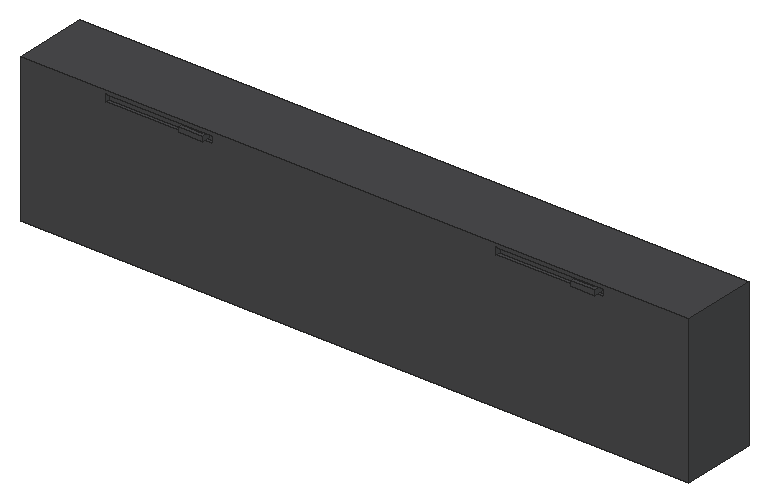
Revit family "DOT BLOCK CEILLING 328_DTSM15W3.1", category Luminarias, Revit 2019
Family settings
  Cota de conector redondo = Diámetro de uso
  Tipo de pieza = Normal
  Se basa en plano de trabajo = Sí
  Siempre vertical = Sí
  Corte con vacíos al cargar = No
  Origen de luz = Sí
  Compartido = No
  Punto de cálculo de habitación = No
Parameters (values of type "DOT BLOCK SURFACE 328_DM15W3.3.1535")
  Ángulo de inclinación = 60.00°
  Zone [instance] = ""
  Watt per fixture = 15
  Wattage = 15 W
  built-in parameter 1150107 = 3000 (stored number, unit not read)
  built-in parameter 1150110 = 1 (stored number, unit not read)
  built-in parameter 1150109 = 1 (stored number, unit not read)
  built-in parameter 1150112 = 1 (stored number, unit not read)
  built-in parameter 1150113 = 1 (stored number, unit not read)
  built-in parameter 1114218 = 1 (stored number, unit not read)
  Keynote = ""
  built-in parameter 1150137 = (empty or 0)
  built-in parameter 1150132 = (empty or 0)
  Modelo = "DM15W3.3.1535"
  Lámpara = "3030SMD PHILIPS"
  built-in parameter 1150105 = 6294.1 (stored number, unit not read)
  built-in parameter 1150102 = (empty or 0)
  built-in parameter 1150106 = 62.941 (stored number, unit not read)
  Lumens = 1290 lm
  Color Filter = 16777215
  built-in parameter 1114217 = 1 (stored number, unit not read)
  built-in parameter 1150139 = (empty or 0)
  Fabricante = "BRILLANT"
  Default Elevation = 1219.2 mm
  built-in parameter 1150104 = 7.9897 (stored number, unit not read)
  Descripción = "LUMINARIA DOWNLIGHT EN FORMATO RECTANGULAR PARA EMPOTRAR DIRECTO EN PLAFON, CUERPO DE ALUMINIO ACABADO EN COLOR NEGRO, IP 20, PESO 0.84Kg, TIPO DE LED 3030SMD PHILIPS CON 15W TOTAL, 1300 LUMENES, 86LM/W, IRC 90, TEMPERATURA EN BLANCO CALIDO 3000K, 50 MIL HORAS DE VIDA PROMEDIO, APERTURA ELIPTICA DE 15X35 GRADOS POR PROYECTO, ALIMENTADO A 90-240V"
  built-in parameter 1150115 = 1 (stored number, unit not read)
  built-in parameter 1150114 = 1 (stored number, unit not read)
  Comentarios de vataje = "90-240V"
  built-in parameter 1150138 = (empty or 0)
  built-in parameter 1150134 = (empty or 0)
  Circuit [instance] = ""
  Dimming Lamp Color Temperature Shift = (empty or 0)
  Archivo de red fotométrica = "L328A-15W-830-B-15X35_IESNA95.IES"
  built-in parameter 1150133 = 10 (stored number, unit not read)
Reference planes
  plane 1 "Centro (Frontal/Posterior)": y = 0
  plane 2: z = 0
  plane 3 "Centro (Izquierda/Derecha)": x = 0
Forms (mm)
  Extrusion 1, solid, material "Default Form", not visible
    sketch origin (0, 0, 0) x (1, 0, 0) y (0, 0, 1)
      loop
        line (-473, 0) -> (-473, -72) -> (473, -72) -> (473, 0) -> (-473, 0)
    from -18.326 to 18.326
  Blend 2, void, not visible
    base sketch origin (-293.63, 0, 0) x (1, 0, 0) y (0, 1, 0)
      loop
        line (-162, 16.149) -> (-162, -16.149) -> (-144.14, -16.149) -> (-144.14, 16.149) -> (-162, 16.149)
    top sketch origin (-293.63, 0, 0) x (1, 0, 0) y (0, 1, 0)
      loop
        line (-160, 12.149) -> (-160, -12.149) -> (-146.14, -12.149) -> (-146.14, 12.149) -> (-160, 12.149)
    from -72 to -61.591
  Blend 3, void, not visible
    base sketch origin (-267.33, 0, 0) x (1, 0, 0) y (0, 1, 0)
      loop
        line (-162, 16.149) -> (-162, -16.149) -> (-144.14, -16.149) -> (-144.14, 16.149) -> (-162, 16.149)
    top sketch origin (-267.33, 0, 0) x (1, 0, 0) y (0, 1, 0)
      loop
        line (-160, 12.149) -> (-160, -12.149) -> (-146.14, -12.149) -> (-146.14, 12.149) -> (-160, 12.149)
    from -72 to -61.591
  Blend 4, void, not visible
    base sketch origin (-241.03, 0, 0) x (1, 0, 0) y (0, 1, 0)
      loop
        line (-162, 16.149) -> (-162, -16.149) -> (-144.14, -16.149) -> (-144.14, 16.149) -> (-162, 16.149)
    top sketch origin (-241.03, 0, 0) x (1, 0, 0) y (0, 1, 0)
      loop
        line (-160, 12.149) -> (-160, -12.149) -> (-146.14, -12.149) -> (-146.14, 12.149) -> (-160, 12.149)
    from -72 to -61.591
  Blend 5, void, not visible
    base sketch origin (-214.73, 0, 0) x (1, 0, 0) y (0, 1, 0)
      loop
        line (-162, 16.149) -> (-162, -16.149) -> (-144.14, -16.149) -> (-144.14, 16.149) -> (-162, 16.149)
    top sketch origin (-214.73, 0, 0) x (1, 0, 0) y (0, 1, 0)
      loop
        line (-160, 12.149) -> (-160, -12.149) -> (-146.14, -12.149) -> (-146.14, 12.149) -> (-160, 12.149)
    from -72 to -61.591
  Blend 6, void, not visible
    base sketch origin (-188.43, 0, 0) x (1, 0, 0) y (0, 1, 0)
      loop
        line (-162, 16.149) -> (-162, -16.149) -> (-144.14, -16.149) -> (-144.14, 16.149) -> (-162, 16.149)
    top sketch origin (-188.43, 0, 0) x (1, 0, 0) y (0, 1, 0)
      loop
        line (-160, 12.149) -> (-160, -12.149) -> (-146.14, -12.149) -> (-146.14, 12.149) -> (-160, 12.149)
    from -72 to -61.591
  Blend 7, void, not visible
    base sketch origin (-162.13, 0, 0) x (1, 0, 0) y (0, 1, 0)
      loop
        line (-162, 16.149) -> (-162, -16.149) -> (-144.14, -16.149) -> (-144.14, 16.149) -> (-162, 16.149)
    top sketch origin (-162.13, 0, 0) x (1, 0, 0) y (0, 1, 0)
      loop
        line (-160, 12.149) -> (-160, -12.149) -> (-146.14, -12.149) -> (-146.14, 12.149) -> (-160, 12.149)
    from -72 to -61.591
  Blend 8, void, not visible
    base sketch origin (-135.83, 0, 0) x (1, 0, 0) y (0, 1, 0)
      loop
        line (-162, 16.149) -> (-162, -16.149) -> (-144.14, -16.149) -> (-144.14, 16.149) -> (-162, 16.149)
    top sketch origin (-135.83, 0, 0) x (1, 0, 0) y (0, 1, 0)
      loop
        line (-160, 12.149) -> (-160, -12.149) -> (-146.14, -12.149) -> (-146.14, 12.149) -> (-160, 12.149)
    from -72 to -61.591
  Blend 9, void, not visible
    base sketch origin (-109.53, 0, 0) x (1, 0, 0) y (0, 1, 0)
      loop
        line (-162, 16.149) -> (-162, -16.149) -> (-144.14, -16.149) -> (-144.14, 16.149) -> (-162, 16.149)
    top sketch origin (-109.53, 0, 0) x (1, 0, 0) y (0, 1, 0)
      loop
        line (-160, 12.149) -> (-160, -12.149) -> (-146.14, -12.149) -> (-146.14, 12.149) -> (-160, 12.149)
    from -72 to -61.591
  Blend 10, void, not visible
    base sketch origin (-83.23, 0, 0) x (1, 0, 0) y (0, 1, 0)
      loop
        line (-162, 16.149) -> (-162, -16.149) -> (-144.14, -16.149) -> (-144.14, 16.149) -> (-162, 16.149)
    top sketch origin (-83.23, 0, 0) x (1, 0, 0) y (0, 1, 0)
      loop
        line (-160, 12.149) -> (-160, -12.149) -> (-146.14, -12.149) -> (-146.14, 12.149) -> (-160, 12.149)
    from -72 to -61.591
  Blend 11, void, not visible
    base sketch origin (-56.93, 0, 0) x (1, 0, 0) y (0, 1, 0)
      loop
        line (-162, 16.149) -> (-162, -16.149) -> (-144.14, -16.149) -> (-144.14, 16.149) -> (-162, 16.149)
    top sketch origin (-56.93, 0, 0) x (1, 0, 0) y (0, 1, 0)
      loop
        line (-160, 12.149) -> (-160, -12.149) -> (-146.14, -12.149) -> (-146.14, 12.149) -> (-160, 12.149)
    from -72 to -61.591
  Blend 12, void, not visible
    base sketch origin (-30.63, 0, 0) x (1, 0, 0) y (0, 1, 0)
      loop
        line (-162, 16.149) -> (-162, -16.149) -> (-144.14, -16.149) -> (-144.14, 16.149) -> (-162, 16.149)
    top sketch origin (-30.63, 0, 0) x (1, 0, 0) y (0, 1, 0)
      loop
        line (-160, 12.149) -> (-160, -12.149) -> (-146.14, -12.149) -> (-146.14, 12.149) -> (-160, 12.149)
    from -72 to -61.591
  Blend 13, void, not visible
    base sketch origin (-4.33, 0, 0) x (1, 0, 0) y (0, 1, 0)
      loop
        line (-162, 16.149) -> (-162, -16.149) -> (-144.14, -16.149) -> (-144.14, 16.149) -> (-162, 16.149)
    top sketch origin (-4.33, 0, 0) x (1, 0, 0) y (0, 1, 0)
      loop
        line (-160, 12.149) -> (-160, -12.149) -> (-146.14, -12.149) -> (-146.14, 12.149) -> (-160, 12.149)
    from -72 to -61.591
  Blend 14, void, not visible
    base sketch origin (21.97, 0, 0) x (1, 0, 0) y (0, 1, 0)
      loop
        line (-162, 16.149) -> (-162, -16.149) -> (-144.14, -16.149) -> (-144.14, 16.149) -> (-162, 16.149)
    top sketch origin (21.97, 0, 0) x (1, 0, 0) y (0, 1, 0)
      loop
        line (-160, 12.149) -> (-160, -12.149) -> (-146.14, -12.149) -> (-146.14, 12.149) -> (-160, 12.149)
    from -72 to -61.591
  Blend 15, void, not visible
    base sketch origin (48.27, 0, 0) x (1, 0, 0) y (0, 1, 0)
      loop
        line (-162, 16.149) -> (-162, -16.149) -> (-144.14, -16.149) -> (-144.14, 16.149) -> (-162, 16.149)
    top sketch origin (48.27, 0, 0) x (1, 0, 0) y (0, 1, 0)
      loop
        line (-160, 12.149) -> (-160, -12.149) -> (-146.14, -12.149) -> (-146.14, 12.149) -> (-160, 12.149)
    from -72 to -61.591
  Blend 16, void, not visible
    base sketch origin (74.57, 0, 0) x (1, 0, 0) y (0, 1, 0)
      loop
        line (-162, 16.149) -> (-162, -16.149) -> (-144.14, -16.149) -> (-144.14, 16.149) -> (-162, 16.149)
    top sketch origin (74.57, 0, 0) x (1, 0, 0) y (0, 1, 0)
      loop
        line (-160, 12.149) -> (-160, -12.149) -> (-146.14, -12.149) -> (-146.14, 12.149) -> (-160, 12.149)
    from -72 to -61.591
  Blend 17, void, not visible
    base sketch origin (100.87, 0, 0) x (1, 0, 0) y (0, 1, 0)
      loop
        line (-162, 16.149) -> (-162, -16.149) -> (-144.14, -16.149) -> (-144.14, 16.149) -> (-162, 16.149)
    top sketch origin (100.87, 0, 0) x (1, 0, 0) y (0, 1, 0)
      loop
        line (-160, 12.149) -> (-160, -12.149) -> (-146.14, -12.149) -> (-146.14, 12.149) -> (-160, 12.149)
    from -72 to -61.591
  Blend 18, void, not visible
    base sketch origin (127.17, 0, 0) x (1, 0, 0) y (0, 1, 0)
      loop
        line (-162, 16.149) -> (-162, -16.149) -> (-144.14, -16.149) -> (-144.14, 16.149) -> (-162, 16.149)
    top sketch origin (127.17, 0, 0) x (1, 0, 0) y (0, 1, 0)
      loop
        line (-160, 12.149) -> (-160, -12.149) -> (-146.14, -12.149) -> (-146.14, 12.149) -> (-160, 12.149)
    from -72 to -61.591
  Blend 19, void, not visible
    base sketch origin (153.47, 0, 0) x (1, 0, 0) y (0, 1, 0)
      loop
        line (-162, 16.149) -> (-162, -16.149) -> (-144.14, -16.149) -> (-144.14, 16.149) -> (-162, 16.149)
    top sketch origin (153.47, 0, 0) x (1, 0, 0) y (0, 1, 0)
      loop
        line (-160, 12.149) -> (-160, -12.149) -> (-146.14, -12.149) -> (-146.14, 12.149) -> (-160, 12.149)
    from -72 to -61.591
  Blend 20, void, not visible
    base sketch origin (179.77, 0, 0) x (1, 0, 0) y (0, 1, 0)
      loop
        line (-162, 16.149) -> (-162, -16.149) -> (-144.14, -16.149) -> (-144.14, 16.149) -> (-162, 16.149)
    top sketch origin (179.77, 0, 0) x (1, 0, 0) y (0, 1, 0)
      loop
        line (-160, 12.149) -> (-160, -12.149) -> (-146.14, -12.149) -> (-146.14, 12.149) -> (-160, 12.149)
    from -72 to -61.591
  Blend 21, void, not visible
    base sketch origin (206.07, 0, 0) x (1, 0, 0) y (0, 1, 0)
      loop
        line (-162, 16.149) -> (-162, -16.149) -> (-144.14, -16.149) -> (-144.14, 16.149) -> (-162, 16.149)
    top sketch origin (206.07, 0, 0) x (1, 0, 0) y (0, 1, 0)
      loop
        line (-160, 12.149) -> (-160, -12.149) -> (-146.14, -12.149) -> (-146.14, 12.149) -> (-160, 12.149)
    from -72 to -61.591
  Blend 22, void, not visible
    base sketch origin (232.37, 0, 0) x (1, 0, 0) y (0, 1, 0)
      loop
        line (-162, 16.149) -> (-162, -16.149) -> (-144.14, -16.149) -> (-144.14, 16.149) -> (-162, 16.149)
    top sketch origin (232.37, 0, 0) x (1, 0, 0) y (0, 1, 0)
      loop
        line (-160, 12.149) -> (-160, -12.149) -> (-146.14, -12.149) -> (-146.14, 12.149) -> (-160, 12.149)
    from -72 to -61.591
  Blend 23, void, not visible
    base sketch origin (258.67, 0, 0) x (1, 0, 0) y (0, 1, 0)
      loop
        line (-162, 16.149) -> (-162, -16.149) -> (-144.14, -16.149) -> (-144.14, 16.149) -> (-162, 16.149)
    top sketch origin (258.67, 0, 0) x (1, 0, 0) y (0, 1, 0)
      loop
        line (-160, 12.149) -> (-160, -12.149) -> (-146.14, -12.149) -> (-146.14, 12.149) -> (-160, 12.149)
    from -72 to -61.591
  Blend 24, void, not visible
    base sketch origin (284.97, 0, 0) x (1, 0, 0) y (0, 1, 0)
      loop
        line (-162, 16.149) -> (-162, -16.149) -> (-144.14, -16.149) -> (-144.14, 16.149) -> (-162, 16.149)
    top sketch origin (284.97, 0, 0) x (1, 0, 0) y (0, 1, 0)
      loop
        line (-160, 12.149) -> (-160, -12.149) -> (-146.14, -12.149) -> (-146.14, 12.149) -> (-160, 12.149)
    from -72 to -61.591
  Blend 25, void, not visible
    base sketch origin (311.27, 0, 0) x (1, 0, 0) y (0, 1, 0)
      loop
        line (-162, 16.149) -> (-162, -16.149) -> (-144.14, -16.149) -> (-144.14, 16.149) -> (-162, 16.149)
    top sketch origin (311.27, 0, 0) x (1, 0, 0) y (0, 1, 0)
      loop
        line (-160, 12.149) -> (-160, -12.149) -> (-146.14, -12.149) -> (-146.14, 12.149) -> (-160, 12.149)
    from -72 to -61.591
  Blend 26, void, not visible
    base sketch origin (337.57, 0, 0) x (1, 0, 0) y (0, 1, 0)
      loop
        line (-162, 16.149) -> (-162, -16.149) -> (-144.14, -16.149) -> (-144.14, 16.149) -> (-162, 16.149)
    top sketch origin (337.57, 0, 0) x (1, 0, 0) y (0, 1, 0)
      loop
        line (-160, 12.149) -> (-160, -12.149) -> (-146.14, -12.149) -> (-146.14, 12.149) -> (-160, 12.149)
    from -72 to -61.591
  Blend 27, void, not visible
    base sketch origin (363.87, 0, 0) x (1, 0, 0) y (0, 1, 0)
      loop
        line (-162, 16.149) -> (-162, -16.149) -> (-144.14, -16.149) -> (-144.14, 16.149) -> (-162, 16.149)
    top sketch origin (363.87, 0, 0) x (1, 0, 0) y (0, 1, 0)
      loop
        line (-160, 12.149) -> (-160, -12.149) -> (-146.14, -12.149) -> (-146.14, 12.149) -> (-160, 12.149)
    from -72 to -61.591
  Blend 28, void, not visible
    base sketch origin (390.17, 0, 0) x (1, 0, 0) y (0, 1, 0)
      loop
        line (-162, 16.149) -> (-162, -16.149) -> (-144.14, -16.149) -> (-144.14, 16.149) -> (-162, 16.149)
    top sketch origin (390.17, 0, 0) x (1, 0, 0) y (0, 1, 0)
      loop
        line (-160, 12.149) -> (-160, -12.149) -> (-146.14, -12.149) -> (-146.14, 12.149) -> (-160, 12.149)
    from -72 to -61.591
  Blend 29, void, not visible
    base sketch origin (416.47, 0, 0) x (1, 0, 0) y (0, 1, 0)
      loop
        line (-162, 16.149) -> (-162, -16.149) -> (-144.14, -16.149) -> (-144.14, 16.149) -> (-162, 16.149)
    top sketch origin (416.47, 0, 0) x (1, 0, 0) y (0, 1, 0)
      loop
        line (-160, 12.149) -> (-160, -12.149) -> (-146.14, -12.149) -> (-146.14, 12.149) -> (-160, 12.149)
    from -72 to -61.591
  Blend 30, void, not visible
    base sketch origin (442.77, 0, 0) x (1, 0, 0) y (0, 1, 0)
      loop
        line (-162, 16.149) -> (-162, -16.149) -> (-144.14, -16.149) -> (-144.14, 16.149) -> (-162, 16.149)
    top sketch origin (442.77, 0, 0) x (1, 0, 0) y (0, 1, 0)
      loop
        line (-160, 12.149) -> (-160, -12.149) -> (-146.14, -12.149) -> (-146.14, 12.149) -> (-160, 12.149)
    from -72 to -61.591
  Blend 31, void, not visible
    base sketch origin (469.07, 0, 0) x (1, 0, 0) y (0, 1, 0)
      loop
        line (-162, 16.149) -> (-162, -16.149) -> (-144.14, -16.149) -> (-144.14, 16.149) -> (-162, 16.149)
    top sketch origin (469.07, 0, 0) x (1, 0, 0) y (0, 1, 0)
      loop
        line (-160, 12.149) -> (-160, -12.149) -> (-146.14, -12.149) -> (-146.14, 12.149) -> (-160, 12.149)
    from -72 to -61.591
  Blend 32, void, not visible
    base sketch origin (495.37, 0, 0) x (1, 0, 0) y (0, 1, 0)
      loop
        line (-162, 16.149) -> (-162, -16.149) -> (-144.14, -16.149) -> (-144.14, 16.149) -> (-162, 16.149)
    top sketch origin (495.37, 0, 0) x (1, 0, 0) y (0, 1, 0)
      loop
        line (-160, 12.149) -> (-160, -12.149) -> (-146.14, -12.149) -> (-146.14, 12.149) -> (-160, 12.149)
    from -72 to -61.591
  Blend 33, void, not visible
    base sketch origin (521.67, 0, 0) x (1, 0, 0) y (0, 1, 0)
      loop
        line (-162, 16.149) -> (-162, -16.149) -> (-144.14, -16.149) -> (-144.14, 16.149) -> (-162, 16.149)
    top sketch origin (521.67, 0, 0) x (1, 0, 0) y (0, 1, 0)
      loop
        line (-160, 12.149) -> (-160, -12.149) -> (-146.14, -12.149) -> (-146.14, 12.149) -> (-160, 12.149)
    from -72 to -61.591
  Blend 34, void, not visible
    base sketch origin (547.97, 0, 0) x (1, 0, 0) y (0, 1, 0)
      loop
        line (-162, 16.149) -> (-162, -16.149) -> (-144.14, -16.149) -> (-144.14, 16.149) -> (-162, 16.149)
    top sketch origin (547.97, 0, 0) x (1, 0, 0) y (0, 1, 0)
      loop
        line (-160, 12.149) -> (-160, -12.149) -> (-146.14, -12.149) -> (-146.14, 12.149) -> (-160, 12.149)
    from -72 to -61.591
  Blend 35, void, not visible
    base sketch origin (574.27, 0, 0) x (1, 0, 0) y (0, 1, 0)
      loop
        line (-162, 16.149) -> (-162, -16.149) -> (-144.14, -16.149) -> (-144.14, 16.149) -> (-162, 16.149)
    top sketch origin (574.27, 0, 0) x (1, 0, 0) y (0, 1, 0)
      loop
        line (-160, 12.149) -> (-160, -12.149) -> (-146.14, -12.149) -> (-146.14, 12.149) -> (-160, 12.149)
    from -72 to -61.591
  Blend 36, void, not visible
    base sketch origin (600.57, 0, 0) x (1, 0, 0) y (0, 1, 0)
      loop
        line (-162, 16.149) -> (-162, -16.149) -> (-144.14, -16.149) -> (-144.14, 16.149) -> (-162, 16.149)
    top sketch origin (600.57, 0, 0) x (1, 0, 0) y (0, 1, 0)
      loop
        line (-160, 12.149) -> (-160, -12.149) -> (-146.14, -12.149) -> (-146.14, 12.149) -> (-160, 12.149)
    from -72 to -61.591
  Extrusion 37, solid, not visible
    sketch origin (-463.861, 0, 3.217) x (0, -1, 0) y (0, 0, -1)
      loop
        line (18.326, 3.217) -> (-18.326, 3.217) -> (-18.326, 73.917) -> (-32.183, 73.917) -> (-32.183, 72.617) -> (-19.626, 72.617) -> (-19.626, 1.917) -> (19.626, 1.917) -> (19.626, 72.617) -> (32.183, 72.617) -> (32.183, 73.917) -> (18.326, 73.917) -> (18.326, 3.217)
    from 89.098 to 128.24
  Extrusion 38, solid, not visible
    sketch origin (-246.523, 0, 3.217) x (0, -1, 0) y (0, 0, 1)
      loop
        line (-19.626, -1.917) -> (19.626, -1.917) -> (19.626, -63.89) -> (20.426, -63.89) -> (20.426, -1.117) -> (-20.426, -1.117) -> (-20.426, -63.89) -> (-19.626, -63.89) -> (-19.626, -1.917)
    from 122.954 to 124.098
  Extrusion 39, solid, not visible
    sketch origin (-463.861, 0, 3.217) x (0, -1, 0) y (0, 0, -1)
      loop
        line (-19.626, 1.917) -> (-19.626, 63.89) -> (-20.426, 63.89) -> (-20.426, 1.117) -> (20.426, 1.117) -> (20.426, 63.89) -> (19.626, 63.89) -> (19.626, 1.917) -> (-19.626, 1.917)
    from 122.954 to 124.098
  Extrusion 40, void, not visible
    sketch origin (0, 0, 0) x (1, 0, 0) y (0, 1, 0)
      loop
        circle (-363.799, -25.904) r 2.055
      loop
        circle (-346.585, -25.904) r 2.055
      loop
        circle (-363.799, 25.904) r 2.055
      loop
        circle (-346.585, 25.904) r 2.055
    from -70.7 to -69.4
  Blend 41, void
    base sketch origin (74.57, 130.851, 72) x (1, 0, 0) y (0, 1, 0)
      loop
        line (-162, -147) -> (-144.14, -147) -> (-144.14, -114.702) -> (-162, -114.702) -> (-162, -147)
    top sketch origin (74.57, 130.851, 72) x (1, 0, 0) y (0, 1, 0)
      loop
        line (-160, -143) -> (-146.14, -143) -> (-146.14, -118.702) -> (-160, -118.702) -> (-160, -143)
    from -72 to -61.591
  Blend 42, void
    base sketch origin (100.87, 130.851, 72) x (1, 0, 0) y (0, 1, 0)
      loop
        line (-162, -147) -> (-144.14, -147) -> (-144.14, -114.702) -> (-162, -114.702) -> (-162, -147)
    top sketch origin (100.87, 130.851, 72) x (1, 0, 0) y (0, 1, 0)
      loop
        line (-160, -143) -> (-146.14, -143) -> (-146.14, -118.702) -> (-160, -118.702) -> (-160, -143)
    from -72 to -61.591
  Blend 43, void
    base sketch origin (127.17, 130.851, 72) x (1, 0, 0) y (0, 1, 0)
      loop
        line (-162, -147) -> (-144.14, -147) -> (-144.14, -114.702) -> (-162, -114.702) -> (-162, -147)
    top sketch origin (127.17, 130.851, 72) x (1, 0, 0) y (0, 1, 0)
      loop
        line (-160, -143) -> (-146.14, -143) -> (-146.14, -118.702) -> (-160, -118.702) -> (-160, -143)
    from -72 to -61.591
  Blend 44, void
    base sketch origin (153.47, 130.851, 72) x (1, 0, 0) y (0, 1, 0)
      loop
        line (-162, -147) -> (-144.14, -147) -> (-144.14, -114.702) -> (-162, -114.702) -> (-162, -147)
    top sketch origin (153.47, 130.851, 72) x (1, 0, 0) y (0, 1, 0)
      loop
        line (-160, -143) -> (-146.14, -143) -> (-146.14, -118.702) -> (-160, -118.702) -> (-160, -143)
    from -72 to -61.591
  Blend 45, void
    base sketch origin (179.77, 130.851, 72) x (1, 0, 0) y (0, 1, 0)
      loop
        line (-162, -147) -> (-144.14, -147) -> (-144.14, -114.702) -> (-162, -114.702) -> (-162, -147)
    top sketch origin (179.77, 130.851, 72) x (1, 0, 0) y (0, 1, 0)
      loop
        line (-160, -143) -> (-146.14, -143) -> (-146.14, -118.702) -> (-160, -118.702) -> (-160, -143)
    from -72 to -61.591
  Blend 46, void
    base sketch origin (206.07, 130.851, 72) x (1, 0, 0) y (0, 1, 0)
      loop
        line (-162, -147) -> (-144.14, -147) -> (-144.14, -114.702) -> (-162, -114.702) -> (-162, -147)
    top sketch origin (206.07, 130.851, 72) x (1, 0, 0) y (0, 1, 0)
      loop
        line (-160, -143) -> (-146.14, -143) -> (-146.14, -118.702) -> (-160, -118.702) -> (-160, -143)
    from -72 to -61.591
  Blend 47, void
    base sketch origin (232.37, 130.851, 72) x (1, 0, 0) y (0, 1, 0)
      loop
        line (-162, -147) -> (-144.14, -147) -> (-144.14, -114.702) -> (-162, -114.702) -> (-162, -147)
    top sketch origin (232.37, 130.851, 72) x (1, 0, 0) y (0, 1, 0)
      loop
        line (-160, -143) -> (-146.14, -143) -> (-146.14, -118.702) -> (-160, -118.702) -> (-160, -143)
    from -72 to -61.591
  Extrusion 48, solid, material "Default Form"
    sketch origin (0, 0, 72) x (1, 0, 0) y (0, 0, -1)
      loop
        line (-164, 0) -> (164, 0) -> (164, 72) -> (-164, 72) -> (-164, 0)
    from -18.326 to 18.326
  Blend 49, void
    base sketch origin (258.67, 130.851, 72) x (1, 0, 0) y (0, 1, 0)
      loop
        line (-162, -147) -> (-144.14, -147) -> (-144.14, -114.702) -> (-162, -114.702) -> (-162, -147)
    top sketch origin (258.67, 130.851, 72) x (1, 0, 0) y (0, 1, 0)
      loop
        line (-160, -143) -> (-146.14, -143) -> (-146.14, -118.702) -> (-160, -118.702) -> (-160, -143)
    from -72 to -61.591
  Blend 50, void
    base sketch origin (284.97, 130.851, 72) x (1, 0, 0) y (0, 1, 0)
      loop
        line (-162, -147) -> (-144.14, -147) -> (-144.14, -114.702) -> (-162, -114.702) -> (-162, -147)
    top sketch origin (284.97, 130.851, 72) x (1, 0, 0) y (0, 1, 0)
      loop
        line (-160, -143) -> (-146.14, -143) -> (-146.14, -118.702) -> (-160, -118.702) -> (-160, -143)
    from -72 to -61.591
  Blend 51, void
    base sketch origin (21.97, 130.851, 72) x (1, 0, 0) y (0, 1, 0)
      loop
        line (-162, -147) -> (-144.14, -147) -> (-144.14, -114.702) -> (-162, -114.702) -> (-162, -147)
    top sketch origin (21.97, 130.851, 72) x (1, 0, 0) y (0, 1, 0)
      loop
        line (-160, -143) -> (-146.14, -143) -> (-146.14, -118.702) -> (-160, -118.702) -> (-160, -143)
    from -72 to -61.591
  Blend 52, void
    base sketch origin (48.27, 130.851, 72) x (1, 0, 0) y (0, 1, 0)
      loop
        line (-162, -147) -> (-144.14, -147) -> (-144.14, -114.702) -> (-162, -114.702) -> (-162, -147)
    top sketch origin (48.27, 130.851, 72) x (1, 0, 0) y (0, 1, 0)
      loop
        line (-160, -143) -> (-146.14, -143) -> (-146.14, -118.702) -> (-160, -118.702) -> (-160, -143)
    from -72 to -61.591
  Extrusion 53, void
    sketch origin (0, 0, 0) x (1, 0, 0) y (0, 1, 0)
      loop
        line (-122.17, -18.326) -> (-69.57, -18.326) -> (-69.57, -16.149) -> (-122.17, -16.149) -> (-122.17, -18.326)
      loop
        line (122.17, -18.326) -> (122.17, -16.149) -> (69.57, -16.149) -> (69.57, -18.326) -> (122.17, -18.326)
      loop
        line (-122.17, 18.326) -> (-122.17, 16.149) -> (-69.57, 16.149) -> (-69.57, 18.326) -> (-122.17, 18.326)
      loop
        line (122.17, 18.326) -> (69.57, 18.326) -> (69.57, 16.149) -> (122.17, 16.149) -> (122.17, 18.326)
    from 66.852 to 70.535
  Extrusion 54, solid, material "Default Form"
    sketch origin (0, 0, 0) x (1, 0, 0) y (0, 1, 0)
      loop
        line (-73.041, -16.149) -> (-74.374, -16.149) -> (-74.374, -18.326) -> (-84.875, -18.326) -> (-84.875, -20.238) -> (-73.041, -20.238) -> (-73.041, -16.149)
      loop
        line (119.435, -16.149) -> (118.101, -16.149) -> (118.101, -18.326) -> (107.601, -18.326) -> (107.601, -20.238) -> (119.435, -20.238) -> (119.435, -16.149)
      loop
        line (-73.041, 16.149) -> (-73.041, 20.238) -> (-84.875, 20.238) -> (-84.875, 18.326) -> (-74.374, 18.326) -> (-74.374, 16.149) -> (-73.041, 16.149)
      loop
        line (119.435, 16.149) -> (119.435, 20.238) -> (107.601, 20.238) -> (107.601, 18.326) -> (118.101, 18.326) -> (118.101, 16.149) -> (119.435, 16.149)
    from 67.466 to 69.773
Cuts and joins
  Blend 41, Blend 42, Blend 43, Blend 44, Blend 45, Blend 46, Blend 47, Blend 49, Blend 50, Blend 51, Blend 52, Extrusion 53 cuts Extrusion 48
Dimensions and locks
  cut or joined group 1 (Blend 41, Blend 42, Blend 43, Blend 44, Blend 45, Blend 46, Blend 47, Extrusion 48, Blend 49, Blend 50, Blend 51, Blend 52, Extrusion 53) to cut or joined group 1 = 72 mm  (x2)
  cut or joined group 1 to cut or joined group 1 = 36.651 mm
  cut or joined group 1 to cut or joined group 1 = 328 mm
  aligned and locked: level to plane 2
Connectors
  electrical at (0, 0, 72)
    settings: on cut or joined group 1, index 1, voltage 0 V, apparent load 0 VA, apparent load phase1 0 VA, apparent load phase2 0 VA, apparent load phase3 0 VA, power factor 1, load classification "Otro", number of poles 1, system type 31, power factor state 1, is connector primary yes, connector utility no, sub classification motor no, connector description ""
